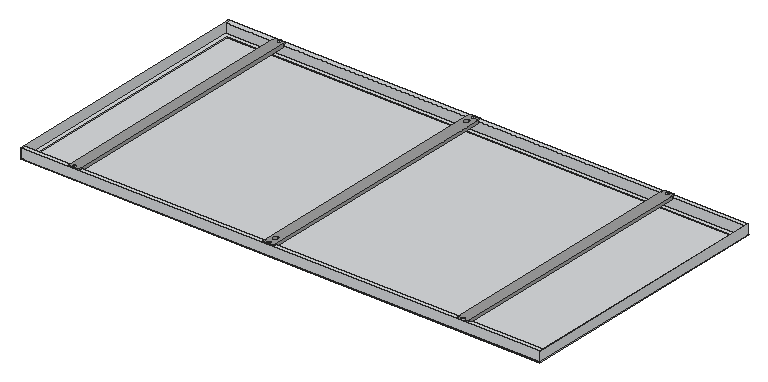
Revit family "意匠用天井放射パネルL1190_ver2019a", category 一般モデル, Revit 2019
Family settings
  ホスト = 天井
  鉄筋をホスト可能 = いいえ
  丸型コネクタ寸法 = 直径を使用
  パーツ タイプ = 標準
  常に垂直 = はい
  ロード時にボイドで切り取り = いいえ
  共有 = いいえ
  部屋計算ポイント = いいえ
Parameters (values of type "パンチング")
  説明 = "天井放射空調"
  製造元 = "株式会社ササクラ"
  満水質量 = "6.9kg/枚"
  注記3 = "標準外寸法が必要な際は問い合わせください"
  注記2 = "形状変更は名前入力タブからご選択ください"
  注記 = "寸法値の変更はご遠慮ください"
  形状 = 意匠用パンチング型パネル_一般モデル : L1190
  塗装色 = "N-93"
  問い合わせ先 = "https://www.sasakura.co.jp/contact/index.cgi?inq_mst_seq=6"
  モデル = "ver1.0"
  W = 600 mm
  URL = "http://www.sasakura.co.jp/products/heat/205.html"
  L = 1200 mm
Types (5, lengths in mm): name | 満水質量 | 形状
  パンチング | "6.9kg/枚" | 意匠用パンチング型パネル_一般モデル : L1190
  波端部 | "5.7kg/枚" | 意匠用端部波型パネル_一般モデル : L1190
  波標準 | "5.7kg/枚" | 意匠用標準波型パネル_一般モデル : L1190
  リブ端部 | "7.4kg/枚" | 意匠用端部リブ型パネル_一般モデル : L1190
  リブ標準 | "7.4kg/枚" | 意匠用標準リブ型パネル_一般モデル : L1190
Reference planes
  plane 1 "中心(正面/背面)": y = 0
  plane 2: z = 0
  plane 3 "中心(左/右)": x = 0
  plane 4 "天井": z = 4000
  plane 5: y = 600
  plane 6: x = 1200
Lines and regions (mm)
  Opening 1
    outline origin (0, 0, 4000) x (1, 0, 0) y (0, 1, 0)
      loop
        line (0, 600) -> (0, 0) -> (1200, 0) -> (1200, 600) -> (0, 600)
Dimensions and locks
  equal spacing: host sketch curve, plane 3 "中心(左/右)", host sketch curve
  equal spacing: host sketch curve, plane 1 "中心(正面/背面)", host sketch curve
  host sketch curve to host sketch curve = 4000 mm  (x2)
  plane 4 "天井" to host ceiling = 0 mm
  "L": plane 3 "中心(左/右)" to plane 6
  "W": plane 1 "中心(正面/背面)" to plane 5
Automatic sketch dimensions
  plane 1 "中心(正面/背面)" to Opening 1 sketch curve = 0 mm
  Opening 1 sketch curve to plane 3 "中心(左/右)" = 0 mm
  Opening 1 sketch curve to plane 6 = 0 mm
  plane 5 to Opening 1 sketch curve = 0 mm
Nested families
  nested 1: "意匠用パンチング型パネル_一般モデル" at (600, 300, 0), type <- "形状", type "L1190"
Definition of nested family "意匠用パンチング型パネル_一般モデル"
  Parameters (values of type "L1190")
    Description = "天井放射空調"
    Manufacturer = "株式会社ササクラ"
    パネル桟 = none
    パネルパンチング = none
    パネルW = none
    パネルL = none
    パネル = none
    Type Comments = ""
    コメント = ""
    W = 597 mm
    URL = "http://www.sasakura.co.jp/products/heat/205.html"
    L = 1190 mm
  Reference planes
    plane 1 "中心(正面/背面)": y = 0
    plane 2: z = 0
    plane 3 "中心(左/右)": x = 0
    plane 4 "天井": z = 4000
    plane 5: z = 4024
    plane 6: z = 4024.2
  Forms (mm)
    Extrusion 1, solid, material <- "パネル"
      sketch origin (0, 0, 4000) x (0, 1, 0) y (-1, 0, 0)
        loop
          line (298.5, 595) -> (-298.5, 595) -> (-298.5, -595) -> (298.5, -595) -> (298.5, 595)
        loop
          line (-277.7, 583) -> (-277.7, -583) -> (277.7, -583) -> (277.7, 583) -> (-277.7, 583)
      from 0 to 1
    Extrusion 2, solid, material <- "パネルW"
      sketch origin (0, 0, 4000) x (0, 1, 0) y (-1, 0, 0)
        loop
          line (298.5, 595) -> (-298.5, 595) -> (-298.5, 594) -> (298.5, 594) -> (298.5, 595)
      from 23 to 1
    Extrusion 3, solid, material <- "パネルW"
      sketch origin (1189, 0, 4000) x (0, 1, 0) y (-1, 0, 0)
        loop
          line (298.5, 595) -> (-298.5, 595) -> (-298.5, 594) -> (298.5, 594) -> (298.5, 595)
      from 23 to 1
    Extrusion 4, solid, material <- "パネル桟", not visible, detail levels medium+fine
      sketch origin (0, 0, 4000) x (0, 1, 0) y (-1, 0, 0)
        loop
          line (926.531, -578.442) -> (349.531, -578.442) -> (349.531, -579.642) -> (343.531, -579.642)
          arc (343.531, -579.642) -> (341.409, -580.52) -> (340.531, -582.642) r 3
          line (340.531, -582.642) -> (340.531, -599.242)
          arc (340.531, -599.242) -> (341.409, -601.363) -> (343.531, -602.242) r 3
          line (343.531, -602.242) -> (349.531, -602.242) -> (349.531, -603.442) -> (926.531, -603.442) -> (926.531, -602.242) -> (932.531, -602.242)
          arc (932.531, -602.242) -> (934.652, -601.363) -> (935.531, -599.242) r 3
          line (935.531, -599.242) -> (935.531, -582.642)
          arc (935.531, -582.642) -> (934.652, -580.52) -> (932.531, -579.642) r 3
          line (932.531, -579.642) -> (926.531, -579.642) -> (926.531, -578.442)
      from 20 to 26.5
    Revolve 5, solid, not visible, detail levels medium+fine
      sketch origin (-1774.487, 931.529, 3837.374) x (-1, 0, 0) y (0, 0, 1)
        loop
          line (-2365.428, 190.126) -> (-2365.428, 183.426)
          arc (-2365.428, 183.426) -> (-2363.067, 185.106) -> (-2363.878, 187.888) r 2.5
          line (-2363.878, 187.888) -> (-2363.878, 189.126) -> (-2362.228, 189.126) -> (-2362.228, 190.126) -> (-2365.428, 190.126)
        axis (-2365.428, 190.126) -> (-2365.428, 183.426)
      angle from 0 to 360
    Revolve 6, solid, not visible, detail levels medium+fine
      sketch origin (592.66, -2020.897, 3837.374) x (0.000729, -1, 0) y (0, 0, 1)
        loop
          line (-2365.428, 190.126) -> (-2365.428, 183.426)
          arc (-2365.428, 183.426) -> (-2363.067, 185.106) -> (-2363.878, 187.888) r 2.5
          line (-2363.878, 187.888) -> (-2363.878, 189.126) -> (-2362.228, 189.126) -> (-2362.228, 190.126) -> (-2365.428, 190.126)
        axis (-2365.428, 190.126) -> (-2365.428, 183.426)
      angle from 0 to 360
    Extrusion 7, solid, material <- "パネル桟", not visible, detail levels medium+fine
      sketch origin (-620.938, -638.031, 4000) x (0, 1, 0) y (-1, 0, 0)
        loop
          line (926.531, -578.442) -> (349.531, -578.442) -> (349.531, -579.642) -> (343.531, -579.642)
          arc (343.531, -579.642) -> (341.409, -580.52) -> (340.531, -582.642) r 3
          line (340.531, -582.642) -> (340.531, -599.242)
          arc (340.531, -599.242) -> (341.409, -601.363) -> (343.531, -602.242) r 3
          line (343.531, -602.242) -> (349.531, -602.242) -> (349.531, -603.442) -> (926.531, -603.442) -> (926.531, -602.242) -> (932.531, -602.242)
          arc (932.531, -602.242) -> (934.652, -601.363) -> (935.531, -599.242) r 3
          line (935.531, -599.242) -> (935.531, -582.642)
          arc (935.531, -582.642) -> (934.652, -580.52) -> (932.531, -579.642) r 3
          line (932.531, -579.642) -> (926.531, -579.642) -> (926.531, -578.442)
        loop
          circle (364.531, -590.942) r 6
        loop
          circle (911.531, -590.942) r 6
      from 20 to 26.5
    Revolve 8, solid, not visible, detail levels medium+fine
      sketch origin (-2395.425, 293.498, 3837.374) x (-1, 0, 0) y (0, 0, 1)
        loop
          line (-2365.428, 190.126) -> (-2365.428, 183.426)
          arc (-2365.428, 183.426) -> (-2363.067, 185.106) -> (-2363.878, 187.888) r 2.5
          line (-2363.878, 187.888) -> (-2363.878, 189.126) -> (-2362.228, 189.126) -> (-2362.228, 190.126) -> (-2365.428, 190.126)
        axis (-2365.428, 190.126) -> (-2365.428, 183.426)
      angle from 0 to 360
    Revolve 9, solid, not visible, detail levels medium+fine
      sketch origin (-28.278, -2658.928, 3837.374) x (0.000729, -1, 0) y (0, 0, 1)
        loop
          line (-2365.428, 190.126) -> (-2365.428, 183.426)
          arc (-2365.428, 183.426) -> (-2363.067, 185.106) -> (-2363.878, 187.888) r 2.5
          line (-2363.878, 187.888) -> (-2363.878, 189.126) -> (-2362.228, 189.126) -> (-2362.228, 190.126) -> (-2365.428, 190.126)
        axis (-2365.428, 190.126) -> (-2365.428, 183.426)
      angle from 0 to 360
    Extrusion 10, solid, material <- "パネルパンチング", detail levels medium+fine
      sketch origin (0, 0, 3980) x (0, 1, 0) y (-1, 0, 0)
        loop
          line (277.7, 583) -> (-277.7, 583) -> (-277.7, -583) -> (277.7, -583) -> (277.7, 583)
      from 20 to 21
    Extrusion 11, solid, material <- "パネル桟", detail levels medium+fine
      sketch origin (-175.939, -638.031, 3997.7) x (0, 1, 0) y (-1, 0, 0)
        loop
          line (926.531, -578.442) -> (349.531, -578.442) -> (349.531, -579.642) -> (343.531, -579.642)
          arc (343.531, -579.642) -> (341.409, -580.52) -> (340.531, -582.642) r 3
          line (340.531, -582.642) -> (340.531, -599.242)
          arc (340.531, -599.242) -> (341.409, -601.363) -> (343.531, -602.242) r 3
          line (343.531, -602.242) -> (349.531, -602.242) -> (349.531, -603.442) -> (926.531, -603.442) -> (926.531, -602.242) -> (932.531, -602.242)
          arc (932.531, -602.242) -> (934.652, -601.363) -> (935.531, -599.242) r 3
          line (935.531, -599.242) -> (935.531, -582.642)
          arc (935.531, -582.642) -> (934.652, -580.52) -> (932.531, -579.642) r 3
          line (932.531, -579.642) -> (926.531, -579.642) -> (926.531, -578.442)
      from 20 to 26.5
    Revolve 12, solid, detail levels medium+fine
      sketch origin (-1950.426, 293.498, 3835.074) x (-1, 0, 0) y (0, 0, 1)
        loop
          line (-2365.428, 190.126) -> (-2365.428, 183.426)
          arc (-2365.428, 183.426) -> (-2363.067, 185.106) -> (-2363.878, 187.888) r 2.5
          line (-2363.878, 187.888) -> (-2363.878, 189.126) -> (-2362.228, 189.126) -> (-2362.228, 190.126) -> (-2365.428, 190.126)
        axis (-2365.428, 190.126) -> (-2365.428, 183.426)
      angle from 0 to 360
    Revolve 13, solid, detail levels medium+fine
      sketch origin (416.721, -2658.928, 3835.074) x (0.000729, -1, 0) y (0, 0, 1)
        loop
          line (-2365.428, 190.126) -> (-2365.428, 183.426)
          arc (-2365.428, 183.426) -> (-2363.067, 185.106) -> (-2363.878, 187.888) r 2.5
          line (-2363.878, 187.888) -> (-2363.878, 189.126) -> (-2362.228, 189.126) -> (-2362.228, 190.126) -> (-2365.428, 190.126)
        axis (-2365.428, 190.126) -> (-2365.428, 183.426)
      angle from 0 to 360
    Extrusion 14, solid, material <- "パネル桟", detail levels medium+fine
      sketch origin (-620.938, -638.031, 3997.7) x (0, 1, 0) y (-1, 0, 0)
        loop
          line (926.531, -578.442) -> (349.531, -578.442) -> (349.531, -579.642) -> (343.531, -579.642)
          arc (343.531, -579.642) -> (341.409, -580.52) -> (340.531, -582.642) r 3
          line (340.531, -582.642) -> (340.531, -599.242)
          arc (340.531, -599.242) -> (341.409, -601.363) -> (343.531, -602.242) r 3
          line (343.531, -602.242) -> (349.531, -602.242) -> (349.531, -603.442) -> (926.531, -603.442) -> (926.531, -602.242) -> (932.531, -602.242)
          arc (932.531, -602.242) -> (934.652, -601.363) -> (935.531, -599.242) r 3
          line (935.531, -599.242) -> (935.531, -582.642)
          arc (935.531, -582.642) -> (934.652, -580.52) -> (932.531, -579.642) r 3
          line (932.531, -579.642) -> (926.531, -579.642) -> (926.531, -578.442)
        loop
          circle (364.531, -590.942) r 6
        loop
          circle (911.531, -590.942) r 6
      from 20 to 26.5
    Revolve 15, solid, detail levels medium+fine
      sketch origin (-2395.425, 293.498, 3835.074) x (-1, 0, 0) y (0, 0, 1)
        loop
          line (-2365.428, 190.126) -> (-2365.428, 183.426)
          arc (-2365.428, 183.426) -> (-2363.067, 185.106) -> (-2363.878, 187.888) r 2.5
          line (-2363.878, 187.888) -> (-2363.878, 189.126) -> (-2362.228, 189.126) -> (-2362.228, 190.126) -> (-2365.428, 190.126)
        axis (-2365.428, 190.126) -> (-2365.428, 183.426)
      angle from 0 to 360
    Revolve 16, solid, detail levels medium+fine
      sketch origin (-28.278, -2658.928, 3835.074) x (0.000729, -1, 0) y (0, 0, 1)
        loop
          line (-2365.428, 190.126) -> (-2365.428, 183.426)
          arc (-2365.428, 183.426) -> (-2363.067, 185.106) -> (-2363.878, 187.888) r 2.5
          line (-2363.878, 187.888) -> (-2363.878, 189.126) -> (-2362.228, 189.126) -> (-2362.228, 190.126) -> (-2365.428, 190.126)
        axis (-2365.428, 190.126) -> (-2365.428, 183.426)
      angle from 0 to 360
    Extrusion 17, solid, material <- "パネル桟", detail levels medium+fine
      sketch origin (-1065.939, -638.031, 3997.7) x (0, 1, 0) y (-1, 0, 0)
        loop
          line (926.531, -578.442) -> (349.531, -578.442) -> (349.531, -579.642) -> (343.531, -579.642)
          arc (343.531, -579.642) -> (341.409, -580.52) -> (340.531, -582.642) r 3
          line (340.531, -582.642) -> (340.531, -599.242)
          arc (340.531, -599.242) -> (341.409, -601.363) -> (343.531, -602.242) r 3
          line (343.531, -602.242) -> (349.531, -602.242) -> (349.531, -603.442) -> (926.531, -603.442) -> (926.531, -602.242) -> (932.531, -602.242)
          arc (932.531, -602.242) -> (934.652, -601.363) -> (935.531, -599.242) r 3
          line (935.531, -599.242) -> (935.531, -582.642)
          arc (935.531, -582.642) -> (934.652, -580.52) -> (932.531, -579.642) r 3
          line (932.531, -579.642) -> (926.531, -579.642) -> (926.531, -578.442)
      from 20 to 26.5
    Revolve 18, solid, detail levels medium+fine
      sketch origin (-2840.426, 293.498, 3835.074) x (-1, 0, 0) y (0, 0, 1)
        loop
          line (-2365.428, 190.126) -> (-2365.428, 183.426)
          arc (-2365.428, 183.426) -> (-2363.067, 185.106) -> (-2363.878, 187.888) r 2.5
          line (-2363.878, 187.888) -> (-2363.878, 189.126) -> (-2362.228, 189.126) -> (-2362.228, 190.126) -> (-2365.428, 190.126)
        axis (-2365.428, 190.126) -> (-2365.428, 183.426)
      angle from 0 to 360
    Revolve 19, solid, detail levels medium+fine
      sketch origin (-473.279, -2658.928, 3835.074) x (0.000729, -1, 0) y (0, 0, 1)
        loop
          line (-2365.428, 190.126) -> (-2365.428, 183.426)
          arc (-2365.428, 183.426) -> (-2363.067, 185.106) -> (-2363.878, 187.888) r 2.5
          line (-2363.878, 187.888) -> (-2363.878, 189.126) -> (-2362.228, 189.126) -> (-2362.228, 190.126) -> (-2365.428, 190.126)
        axis (-2365.428, 190.126) -> (-2365.428, 183.426)
      angle from 0 to 360
    Extrusion 20, solid, material <- "パネルL"
      sketch origin (0, 0, 4000) x (0, 1, 0) y (-1, 0, 0)
        loop
          line (298.5, 594) -> (288.5, 594) -> (288.5, -594) -> (298.5, -594) -> (298.5, 594)
      from 23 to 1
    Extrusion 21, solid, material <- "パネルL"
      sketch origin (-122, -824.556, 4000) x (0, 1, 0) y (-1, 0, 0)
        loop
          line (536.056, 472) -> (526.056, 472) -> (526.056, -716) -> (536.056, -716) -> (536.056, 472)
      from 23 to 1
  Dimensions and locks
    equal spacing: host sketch curve, plane 3 "中心(左/右)", host sketch curve
    equal spacing: host sketch curve, plane 1 "中心(正面/背面)", host sketch curve
    host sketch curve to host sketch curve = 4000 mm  (x2)
    plane 4 "天井" to host ceiling = 0 mm
